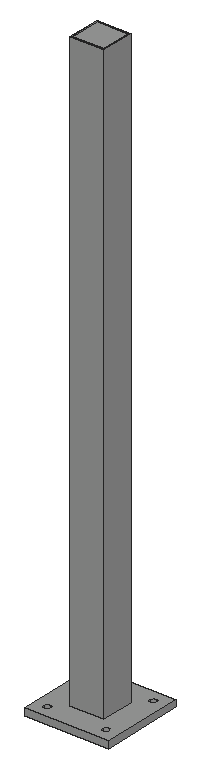
Revit family "LOUVERED_VINYL_PLANK_PANEL_POST", category Specialty Equipment, Revit 2026
Family settings
  Round Connector Dimension = Use Diameter
  Part Type = Normal
  Classification Number = 23.55.00.00
  Work Plane-Based = No
  Enable Cutting in Views = No
  Always vertical = No
  Cut with Voids When Loaded = No
  Maintain Annotation Orientation = No
  Shared = No
  Room Calculation Point = No
Parameters (values of type "Assembly")
  Warranty URL = "https://palmshieldlouvers.com/wp-content/uploads/2020/01/PalmSHIELD-Warranty-NO-SIGN-LINE.pdf"
  Version = "2020 - v1.0a"  # constant formula
  URL = "https://palmshieldlouvers.com/"
  Product Page URL = "https://palmshieldlouvers.com/products/augustus-solid/"
  Product Documentation Link = "https://palmshieldlouvers.com/wp-content/uploads/2020/05/PalmSHIELD-Solid-Composite-Technical-Data-Sheet.pdf"
  Post Position [instance] = 1
  Model = "Augustus - Aluminum"  # constant formula
  Material = Metal - PalmSHIELD - Dusty Grey
  Manufacturer Phone Number = "531-329-4406 "  # constant formula
  Manufacturer Email = "mailto: info@palmshieldlouvers.com"
  Manufacturer Address = "12330 Cary Circle, La Vista, NE 68128"  # constant formula
  Manufacturer = "PalmSHIELD"  # constant formula
  Keynote = "05 10 00"
  Instruction Sheet Link = "https://palmshieldlouvers.com/wp-content/uploads/2020/01/PalmSHIELD-Post-Panel-Gate-Installation-Instructions-REV-1.pdf"
  ID [instance] = "Not Assigned"
  Height [instance] = if(Desired Overall Height < C Min Height, C Min Height, if(Desired Overall Height > C Max Height, C Max Height, Desired Overall Height))  # 6' - 0"
  Desired Overall Height [instance] = 6' - 0"
  Description = "Augustus - Aluminum - Square Post"  # constant formula
  Default Elevation = 0' - 0"
  Copyright = "Copyright ©2024 The American Fence Company and PalmSHIELD. All Rights Reserved."  # constant formula
  Component Vis [instance] = yes
  Component Name [instance] = "Augustus - Aluminum - Square Post"  # constant formula
  C Post Width = 0' - 4"  # constant formula
  C Min Height [instance] = 3' - 4"  # constant formula
  C Max Height [instance] = 8' - 0"  # constant formula
  Assembly Code = "F1020100"
Reference planes (in)
  plane 1 "Center (Front/Back)": y = 0
  plane 2: z = 0
  plane 3 "Center (Left/Right)": x = 0
  plane 4: z = 72
  plane 5: y = 2
  plane 6: y = -2
  plane 7: x = 2
  plane 8: x = -2
Lines and regions (in)
  reference lines
    curve 1: line (-24.29961, 0, 72) -> (24.70039, 0, 72)
Dimensions and locks (in)
  "Desired Overall Height": curve 1 to plane 2
  "Height": plane 4 to plane 2
  equal spacing: plane 8, plane 3 "Center (Left/Right)", plane 7
  equal spacing: plane 5, plane 1 "Center (Front/Back)", plane 6
  "C Post Width": plane 5 to plane 6
  "C Post Width": plane 8 to plane 7
  aligned and locked: plane 2 to level
Automatic sketch dimensions
  curve 1 to plane 8 = 1' - 10.29961"
  curve 1 to plane 7 = 1' - 10.70039"
Nested families (in)
  nested 1: "Screening-Louver-Assembly-Post-Palmshield-Mercury_Economic_Louver-Aluminum" at (0, 0, 0), Desired Overall Height <- "Desired Overall Height", ID <- "ID", Component Vis <- "Component Vis", Post Position <- "Post Position", type "Assembly"
    with Post Position 1, Overall Height 6' - 0", ID "Not Assigned", Desired Overall Height 6' - 0", Component Vis (Single) yes, Component Vis (Side) no, Component Vis (Double) no, Component Vis yes, Component Name "Mercury Economic - Post Assembly", C Single Post yes, C Post Offset 0' - 0"
  nested 2: "Nested-Base_Plate-Palmshield-Mercury_Economic" at (0, 0, 0), type "10" x 10" x 3/4""
    with Material Metal - PalmSHIELD - Dusty Grey, ID "Not Assigned", Component Name "Mercury Economic - Aluminum - Base Plate"
  nested 3: "Nested-Square_Post-Aluminum-Palmshield-Mercury_Economic" at (0, 0, 0.75), type "4" X 4" X 1/8" SQ. TUBE"
    with Material Metal - PalmSHIELD - Dusty Grey, Length 5' - 11 1/4", ID "Not Assigned", Component Name "Mercury Economic - Aluminum - Square Post"
  nested 4: "Nested-Top_Cap-Palmshield-Mercury_Economic" at (0, 0, 72) x (1, 0, 0) z (0, 0, -1), type "3 3/4" x 3 3/4" x 1/8""
    with Material Metal - PalmSHIELD - Dusty Grey, ID "Not Assigned", Component Name "Mercury Economic - Aluminum - Square Top Cap"
Definition of nested family "Nested-Base_Plate-Palmshield-Mercury_Economic"
  Parameters (values of type "10" x 14" x 3/4"")
    Width = if(Constraints = 1, 0' 10", 1' 2")  # 1' - 2"
    Warranty URL = "https://palmshieldlouvers.com/wp-content/uploads/2020/01/PalmSHIELD-Warranty-NO-SIGN-LINE.pdf"
    Version = "2020 - v1.0a"  # constant formula
    URL = "https://palmshieldlouvers.com/"
    Thickness = 0' - 0 3/4"  # constant formula
    Product Page URL = "Contact Manufacturer for More Information"
    Product Documentation Link = "Contact Manufacturer for More Information"
    Model = "Mercury Economic"  # constant formula
    Material [instance] = none
    Manufacturer Phone Number = "531-329-4406 "  # constant formula
    Manufacturer Fax Number = "Consult Manufacturer Website for More Information"  # constant formula
    Manufacturer Email = "mailto: info@palmshieldlouvers.com"
    Manufacturer Address = "12330 Cary Circle, La Vista, NE 68128"  # constant formula
    Manufacturer = "PalmSHIELD"  # constant formula
    Keynote = "05 10 00"
    Instruction Sheet Link = "Contact Manufacturer for More Information"
    ID [instance] = ""
    Hole Diameter = 0' - 0 3/4"  # constant formula
    Height = 0' - 10"  # constant formula
    Description = "Mercury Economic - Base Plate"  # constant formula
    Default Elevation = 4' - 0"
    Copyright = "Copyright ©2024 The American Fence Company and PalmSHIELD. All Rights Reserved."  # constant formula
    Constraints = 2
    Component Name [instance] = "Mercury Economic - Aluminum - Base Plate"  # constant formula
    C Hole Offset = 0' - 1 1/2"  # constant formula
    Assembly Code = "F1020100"
  Types (2): name | Width | Constraints
    10" x 10" x 3/4" | 0' - 10" | 1
    10" x 14" x 3/4" | 1' - 2" | 2
  Reference planes (in)
    plane 1 "Center (Front/Back)": y = 0
    plane 2: z = 0
    plane 3 "Center (Left/Right)": x = 0
    plane 4: y = 5
    plane 5: x = 7
    plane 6: y = -5
    plane 7: x = -7
    plane 8: z = 0.75
  Forms (in)
    Extrusion 1, solid
      sketch origin (0, 0, 0) x (1, 0, 0) y (0, 1, 0)
        loop
          line (-48, 48) -> (-48, -48) -> (48, -48) -> (48, 48) -> (-48, 48)
      from 0 to -12
    Extrusion 2, solid, material <- "Material"
      sketch origin (0, 0, 0) x (1, 0, 0) y (0, 1, 0)
        loop
          line (-7, 5) -> (-7, -5) -> (7, -5) -> (7, 5) -> (-7, 5)
        loop
          circle (-5.5, 3.5) r 0.375
        loop
          circle (5.5, 3.5) r 0.375
        loop
          circle (-5.5, -3.5) r 0.375
        loop
          circle (5.5, -3.5) r 0.375
      from 0 to 0.75
  Dimensions and locks (in)
    equal spacing: plane 7, plane 3 "Center (Left/Right)", plane 5
    equal spacing: plane 4, plane 1 "Center (Front/Back)", plane 6
    "Width": plane 7 to plane 5
    "Height": plane 4 to plane 6
    "C Hole Offset": plane 7 to Extrusion 2 sketch curve  (x2)
    "C Hole Offset": Extrusion 2 sketch curve to plane 5  (x2)
    "C Hole Offset": plane 4 to Extrusion 2 sketch curve  (x2)
    "C Hole Offset": plane 6 to Extrusion 2 sketch curve  (x2)
    "Thickness": plane 8 to plane 2
    "Width": Extrusion 2 to Extrusion 2
    "Hole Diameter": diameter of Extrusion 2 sketch curve  (x4)
    aligned and locked: plane 2 to Extrusion 1
    aligned and locked: level to Extrusion 1
    aligned and locked: Extrusion 2 sketch curve to plane 4
    aligned and locked: plane 7 to Extrusion 2 sketch curve
    aligned and locked: Extrusion 2 sketch curve to plane 6
    aligned and locked: Extrusion 2 sketch curve to plane 5
    aligned and locked: plane 8 to Extrusion 2
  Automatic sketch dimensions
    Extrusion 1 sketch curve to Extrusion 1 sketch curve = 8' - 0"  (x2)
Definition of nested family "Nested-Square_Post-Aluminum-Palmshield-Mercury_Economic"
  Parameters (values of type "4" X 4" X 1/8" SQ. TUBE")
    Width = 0' - 4"  # constant formula
    Warranty URL = "https://palmshieldlouvers.com/wp-content/uploads/2020/01/PalmSHIELD-Warranty-NO-SIGN-LINE.pdf"
    Version = "2020 - v1.0a"  # constant formula
    URL = "https://palmshieldlouvers.com/"
    Thickness = 0' - 0 1/8"  # constant formula
    Product Page URL = "Contact Manufacturer for More Information"
    Product Documentation Link = "Contact Manufacturer for More Information"
    Model = "Mercury Economic"  # constant formula
    Material [instance] = none
    Manufacturer Phone Number = "531-329-4406 "  # constant formula
    Manufacturer Fax Number = "Consult Manufacturer Website for More Information"  # constant formula
    Manufacturer Email = "mailto: info@palmshieldlouvers.com"
    Manufacturer Address = "12330 Cary Circle, La Vista, NE 68128"  # constant formula
    Manufacturer = "PalmSHIELD"  # constant formula
    Length [instance] = 4' - 4.86713"
    Keynote = "05 10 00"
    Instruction Sheet Link = "Contact Manufacturer for More Information"
    ID [instance] = ""
    Description = "Mercury Economic - Post"  # constant formula
    Default Elevation = 4' - 0"
    Copyright = "Copyright ©2024 The American Fence Company and PalmSHIELD. All Rights Reserved."  # constant formula
    Component Name [instance] = "Mercury Economic - Aluminum - Square Post"  # constant formula
    Assembly Code = "F1020100"
  Reference planes (in)
    plane 1 "Center (Front/Back)": y = 0
    plane 2: z = 0
    plane 3 "Center (Left/Right)": x = 0
    plane 4: z = 52.86713
    plane 5: x = 2
    plane 6: x = -2
  Forms (in)
    Extrusion 1, solid
      sketch origin (0, 0, 0) x (1, 0, 0) y (0, 1, 0)
        loop
          line (-48, 48) -> (-48, -48) -> (48, -48) -> (48, 48) -> (-48, 48)
      from 0 to -12
    Sweep 2, solid, material <- "Material"
      path origin (0, 0, 0) x (0, 1, 0) y (0, 0, 1)
        loop
          line (0, 0) -> (0, 52.86713)
      profile "Profile-Palmshield-Square : 4" X 4" X 1/8" SQ. TUBE" origin (0, 0, 26.43357) x (0, -1, 0) y (1, 0, 0)
        loop
          line (1.875, 1.875) -> (-1.875, 1.875) -> (-1.875, -1.875) -> (1.875, -1.875) -> (1.875, 1.875)
        loop
          line (-2, -2) -> (2, -2) -> (2, 2) -> (-2, 2) -> (-2, -2)
  Dimensions and locks (in)
    "Length": plane 4 to plane 2
    equal spacing: plane 5, plane 3 "Center (Left/Right)", plane 6
    "Width": plane 5 to plane 6
    aligned and locked: plane 2 to Extrusion 1
    aligned and locked: level to Extrusion 1
    aligned and locked: plane 1 "Center (Front/Back)" to Sweep 2 sketch curve
    aligned and locked: plane 4 to Sweep 2 sketch curve
  Automatic sketch dimensions
    Extrusion 1 sketch curve to Extrusion 1 sketch curve = 8' - 0"  (x2)
    Sweep 2 sketch curve to level = 0' - 0"
Definition of nested family "Nested-Top_Cap-Palmshield-Mercury_Economic"
  Parameters (values of type "3 3/4" x 3 3/4" x 1/8"")
    Width = 0' 4" - 2 * Thickness  # 0' - 3 3/4"
    Warranty URL = "https://palmshieldlouvers.com/wp-content/uploads/2020/01/PalmSHIELD-Warranty-NO-SIGN-LINE.pdf"
    Version = "2020 - v1.0a"  # constant formula
    URL = "https://palmshieldlouvers.com/"
    Thickness = 0' - 0 1/8"  # constant formula
    Product Page URL = "Contact Manufacturer for More Information"
    Product Documentation Link = "Contact Manufacturer for More Information"
    Model = "Mercury Economic"  # constant formula
    Material [instance] = none
    Manufacturer Phone Number = "531-329-4406 "  # constant formula
    Manufacturer Fax Number = "Consult Manufacturer Website for More Information"  # constant formula
    Manufacturer Email = "mailto: info@palmshieldlouvers.com"
    Manufacturer Address = "12330 Cary Circle, La Vista, NE 68128"  # constant formula
    Manufacturer = "PalmSHIELD"  # constant formula
    Keynote = "05 10 00"
    Instruction Sheet Link = "Contact Manufacturer for More Information"
    ID [instance] = ""
    Description = "Mercury Economic - Top Cap"  # constant formula
    Default Elevation = 4' - 0"
    Copyright = "Copyright ©2024 The American Fence Company and PalmSHIELD. All Rights Reserved."  # constant formula
    Component Name [instance] = "Mercury Economic - Aluminum - Square Top Cap"  # constant formula
    Assembly Code = "F1020100"
  Reference planes (in)
    plane 1 "Center (Front/Back)": y = 0
    plane 2: z = 0
    plane 3 "Center (Left/Right)": x = 0
    plane 4: y = 1.875
    plane 5: x = 1.875
    plane 6: y = -1.875
    plane 7: x = -1.875
    plane 8: z = 0.125
  Forms (in)
    Extrusion 1, solid
      sketch origin (0, 0, 0) x (1, 0, 0) y (0, 1, 0)
        loop
          line (-48, 48) -> (-48, -48) -> (48, -48) -> (48, 48) -> (-48, 48)
      from 0 to -12
    Extrusion 2, solid, material <- "Material"
      sketch origin (0, 0, 0) x (1, 0, 0) y (0, 1, 0)
        loop
          line (-1.875, 1.875) -> (-1.875, -1.875) -> (1.875, -1.875) -> (1.875, 1.875) -> (-1.875, 1.875)
      from 0 to 0.125
  Dimensions and locks (in)
    equal spacing: plane 7, plane 3 "Center (Left/Right)", plane 5
    equal spacing: plane 4, plane 1 "Center (Front/Back)", plane 6
    "Width": plane 7 to plane 5
    "Width": plane 4 to plane 6
    "Thickness": plane 8 to plane 2
    aligned and locked: plane 2 to Extrusion 1
    aligned and locked: level to Extrusion 1
    aligned and locked: Extrusion 2 sketch curve to plane 4
    aligned and locked: plane 7 to Extrusion 2 sketch curve
    aligned and locked: Extrusion 2 sketch curve to plane 6
    aligned and locked: Extrusion 2 sketch curve to plane 5
    aligned and locked: plane 8 to Extrusion 2
  Automatic sketch dimensions
    Extrusion 1 sketch curve to Extrusion 1 sketch curve = 8' - 0"  (x2)
Definition of nested family "Screening-Louver-Assembly-Post-Palmshield-Mercury_Economic_Louver-Aluminum"
  Parameters (values of type "Default")
    Width = 0' - 4"  # constant formula
    Warranty URL = "https://palmshieldlouvers.com/wp-content/uploads/2020/01/PalmSHIELD-Warranty-NO-SIGN-LINE.pdf"
    Version = "2020 - v1.0a"  # constant formula
    URL = "https://palmshieldlouvers.com/"
    Top Cap Thickness = 0' - 0 1/8"  # constant formula
    Component Vis (Side) [instance] = and(Component Vis, Post Position = 3)  # yes
    Product Page URL = "Contact Manufacturer for More Information"
    Product Documentation Link = "Contact Manufacturer for More Information"
    Post Position [instance] = 3
    Overall Height [instance] = if(Desired Overall Height < 3' 0", 3' 0", if(Desired Overall Height > 12' 0", 12' 0", Desired Overall Height))  # 6' - 0"
    Model = "Mercury Economic"  # constant formula
    Component Vis (Single) [instance] = and(Component Vis, Post Position = 1)  # no
    Material = none
    Manufacturer Phone Number = "531-329-4406 "  # constant formula
    Manufacturer Fax Number = "Consult Manufacturer Website for More Information"  # constant formula
    Manufacturer Email = "mailto: info@palmshieldlouvers.com"
    Manufacturer Address = "12330 Cary Circle, La Vista, NE 68128"  # constant formula
    Manufacturer = "PalmSHIELD"  # constant formula
    Keynote = "05 10 00"
    Instruction Sheet Link = "Contact Manufacturer for More Information"
    ID [instance] = "Not Assigned"
    Desired Overall Height [instance] = 6' - 0"
    Description = "Mercury Economic - Post Assembly"  # constant formula
    Default Elevation = 4' - 0"
    Component Vis (Double) [instance] = and(Component Vis, Post Position = 2)  # no
    Copyright = "Copyright ©2024 The American Fence Company and PalmSHIELD. All Rights Reserved."  # constant formula
    Component Vis [instance] = yes
    Component Name [instance] = "Mercury Economic - Post Assembly"  # constant formula
    C Single Post [instance] = not([Component Vis (Double)])  # yes
    C Post Offset [instance] = if([Component Vis (Side)], 0' 2 1/2", 0' 0")  # 0' - 2 1/2"
    C Panel Offset from Ground = 0' - 2"  # constant formula
    Base Plate Thickness = 0' - 0 3/4"  # constant formula
    Assembly Code = "F1020100"
  Reference planes (in)
    plane 1 "Center (Front/Back)": y = 0
    plane 2: z = 0
    plane 3 "Center (Left/Right)": x = 0
    plane 4: x = 2
    plane 5: x = -2
    plane 6: z = 72
    plane 7: z = 2
  Forms (in)
    Extrusion 1, solid
      sketch origin (0, 0, 0) x (1, 0, 0) y (0, 1, 0)
        loop
          line (-48, 48) -> (-48, -48) -> (48, -48) -> (48, 48) -> (-48, 48)
      from 0 to -12
  Lines and regions (in)
    reference lines
      curve 1: line (-64.16684, 0, 72) -> (79.83316, 0, 72)
  Dimensions and locks (in)
    equal spacing: plane 4, plane 3 "Center (Left/Right)", plane 5
    "Width": plane 4 to plane 5
    "C Panel Offset from Ground": plane 7 to plane 2
    "C Post Offset": plane 3 "Center (Left/Right)" to nested 2
    "C Post Offset": plane 3 "Center (Left/Right)" to nested 3
    "Desired Overall Height": curve 1 to plane 2
    "Overall Height": plane 6 to plane 2
    aligned and locked: plane 2 to Extrusion 1
    aligned and locked: level to Extrusion 1
    aligned and locked: plane 1 "Center (Front/Back)" to nested 1
    aligned and locked: plane 1 "Center (Front/Back)" to nested 3
    aligned and locked: plane 6 to nested 2
    aligned and locked: plane 1 "Center (Front/Back)" to nested 4
    aligned and locked: plane 6 to nested 5
    aligned and locked: plane 6 to nested 6
    aligned and locked: plane 3 "Center (Left/Right)" to nested 5
    aligned and locked: nested 6 to plane 3 "Center (Left/Right)"
    aligned and locked: nested 5 to nested 7
    aligned and locked: plane 4 to nested 8
    aligned and locked: plane 3 "Center (Left/Right)" to nested 4
    aligned and locked: plane 3 "Center (Left/Right)" to nested 1
  Automatic sketch dimensions
    Extrusion 1 sketch curve to Extrusion 1 sketch curve = 8' - 0"  (x2)
    curve 1 to plane 5 = 5' - 2.16684"
    plane 4 to curve 1 = 6' - 5.83316"
  Nested families (in)
    nested 1: "Nested-Base_Plate-Palmshield-Mercury_Economic" at (0, 0, 0), ID <- "ID", Material <- "Material", visible <- "C Single Post", type "10" x 10" x 3/4""
      with Material none, ID "Not Assigned", Component Name "Mercury Economic - Aluminum - Base Plate"
    nested 2: "Nested-Square_Post-Aluminum-Palmshield-Mercury_Economic" at (2.5, 0, 0.75), ID <- "ID", Material <- "Material", visible <- "C Single Post", type "4" X 4" X 1/8" SQ. TUBE"
      with Material none, Length 5' - 11 1/4", ID "Not Assigned", Component Name "Mercury Economic - Aluminum - Square Post"
    nested 3: "Nested-Top_Cap-Palmshield-Mercury_Economic" at (2.5, 0, 72) x (1, 0, 0) z (0, 0, -1), ID <- "ID", Material <- "Material", visible <- "C Single Post", type "3 3/4" x 3 3/4" x 1/8""
      with Material none, ID "Not Assigned", Component Name "Mercury Economic - Aluminum - Square Top Cap"
    nested 4: "Nested-Base_Plate-Palmshield-Mercury_Economic" at (0, 0, 0), ID <- "ID", Material <- "Material", visible <- "Component Vis (Double)", type "10" x 14" x 3/4""
      with Material none, ID "Not Assigned", Component Name "Mercury Economic - Aluminum - Base Plate"
    nested 5: "Nested-Square_Post-Aluminum-Palmshield-Mercury_Economic" at (-2, 0, 0.75), ID <- "ID", Material <- "Material", visible <- "Component Vis (Double)", type "4" X 4" X 1/8" SQ. TUBE"
      with Material none, Length 5' - 11 1/4", ID "Not Assigned", Component Name "Mercury Economic - Aluminum - Square Post"
    nested 6: "Nested-Square_Post-Aluminum-Palmshield-Mercury_Economic" at (2, 0, 0.75), ID <- "ID", Material <- "Material", visible <- "Component Vis (Double)", type "4" X 4" X 1/8" SQ. TUBE"
      with Material none, Length 5' - 11 1/4", ID "Not Assigned", Component Name "Mercury Economic - Aluminum - Square Post"
    nested 7: "Nested-Top_Cap-Palmshield-Mercury_Economic" at (-2, 0, 72) x (1, 0, 0) z (0, 0, -1), ID <- "ID", Material <- "Material", visible <- "Component Vis (Double)", type "3 3/4" x 3 3/4" x 1/8""
      with Material none, ID "Not Assigned", Component Name "Mercury Economic - Aluminum - Square Top Cap"
    nested 8: "Nested-Top_Cap-Palmshield-Mercury_Economic" at (2, 0, 72) x (1, 0, 0) z (0, 0, -1), ID <- "ID", Material <- "Material", visible <- "Component Vis (Double)", type "3 3/4" x 3 3/4" x 1/8""
      with Material none, ID "Not Assigned", Component Name "Mercury Economic - Aluminum - Square Top Cap"
  Definition of nested family "Nested-Base_Plate-Palmshield-Mercury_Economic"
    Parameters (values of type "10" x 14" x 3/4"")
      Width = if(Constraints = 1, 0' 10", 1' 2")  # 1' - 2"
      Warranty URL = "https://palmshieldlouvers.com/wp-content/uploads/2020/01/PalmSHIELD-Warranty-NO-SIGN-LINE.pdf"
      Version = "2020 - v1.0a"  # constant formula
      URL = "https://palmshieldlouvers.com/"
      Thickness = 0' - 0 3/4"  # constant formula
      Product Page URL = "Contact Manufacturer for More Information"
      Product Documentation Link = "Contact Manufacturer for More Information"
      Model = "Mercury Economic"  # constant formula
      Material [instance] = none
      Manufacturer Phone Number = "531-329-4406 "  # constant formula
      Manufacturer Fax Number = "Consult Manufacturer Website for More Information"  # constant formula
      Manufacturer Email = "mailto: info@palmshieldlouvers.com"
      Manufacturer Address = "12330 Cary Circle, La Vista, NE 68128"  # constant formula
      Manufacturer = "PalmSHIELD"  # constant formula
      Keynote = "05 10 00"
      Instruction Sheet Link = "Contact Manufacturer for More Information"
      ID [instance] = ""
      Hole Diameter = 0' - 0 3/4"  # constant formula
      Height = 0' - 10"  # constant formula
      Description = "Mercury Economic - Base Plate"  # constant formula
      Default Elevation = 4' - 0"
      Copyright = "Copyright ©2024 The American Fence Company and PalmSHIELD. All Rights Reserved."  # constant formula
      Constraints = 2
      Component Name [instance] = "Mercury Economic - Aluminum - Base Plate"  # constant formula
      C Hole Offset = 0' - 1 1/2"  # constant formula
      Assembly Code = "F1020100"
    Types (2): name | Width | Constraints
      10" x 10" x 3/4" | 0' - 10" | 1
      10" x 14" x 3/4" | 1' - 2" | 2
    Reference planes (in)
      plane 1 "Center (Front/Back)": y = 0
      plane 2: z = 0
      plane 3 "Center (Left/Right)": x = 0
      plane 4: y = 5
      plane 5: x = 7
      plane 6: y = -5
      plane 7: x = -7
      plane 8: z = 0.75
    Forms (in)
      Extrusion 1, solid
        sketch origin (0, 0, 0) x (1, 0, 0) y (0, 1, 0)
          loop
            line (-48, 48) -> (-48, -48) -> (48, -48) -> (48, 48) -> (-48, 48)
        from 0 to -12
      Extrusion 2, solid, material <- "Material"
        sketch origin (0, 0, 0) x (1, 0, 0) y (0, 1, 0)
          loop
            line (-7, 5) -> (-7, -5) -> (7, -5) -> (7, 5) -> (-7, 5)
          loop
            circle (-5.5, 3.5) r 0.375
          loop
            circle (5.5, 3.5) r 0.375
          loop
            circle (-5.5, -3.5) r 0.375
          loop
            circle (5.5, -3.5) r 0.375
        from 0 to 0.75
    Dimensions and locks (in)
      equal spacing: plane 7, plane 3 "Center (Left/Right)", plane 5
      equal spacing: plane 4, plane 1 "Center (Front/Back)", plane 6
      "Width": plane 7 to plane 5
      "Height": plane 4 to plane 6
      "C Hole Offset": plane 7 to Extrusion 2 sketch curve  (x2)
      "C Hole Offset": Extrusion 2 sketch curve to plane 5  (x2)
      "C Hole Offset": plane 4 to Extrusion 2 sketch curve  (x2)
      "C Hole Offset": plane 6 to Extrusion 2 sketch curve  (x2)
      "Thickness": plane 8 to plane 2
      "Width": Extrusion 2 to Extrusion 2
      "Hole Diameter": diameter of Extrusion 2 sketch curve  (x4)
      aligned and locked: plane 2 to Extrusion 1
      aligned and locked: level to Extrusion 1
      aligned and locked: Extrusion 2 sketch curve to plane 4
      aligned and locked: plane 7 to Extrusion 2 sketch curve
      aligned and locked: Extrusion 2 sketch curve to plane 6
      aligned and locked: Extrusion 2 sketch curve to plane 5
      aligned and locked: plane 8 to Extrusion 2
    Automatic sketch dimensions
      Extrusion 1 sketch curve to Extrusion 1 sketch curve = 8' - 0"  (x2)
  Definition of nested family "Nested-Square_Post-Aluminum-Palmshield-Mercury_Economic"
    Parameters (values of type "4" X 4" X 1/8" SQ. TUBE")
      Width = 0' - 4"  # constant formula
      Warranty URL = "https://palmshieldlouvers.com/wp-content/uploads/2020/01/PalmSHIELD-Warranty-NO-SIGN-LINE.pdf"
      Version = "2020 - v1.0a"  # constant formula
      URL = "https://palmshieldlouvers.com/"
      Thickness = 0' - 0 1/8"  # constant formula
      Product Page URL = "Contact Manufacturer for More Information"
      Product Documentation Link = "Contact Manufacturer for More Information"
      Model = "Mercury Economic"  # constant formula
      Material [instance] = none
      Manufacturer Phone Number = "531-329-4406 "  # constant formula
      Manufacturer Fax Number = "Consult Manufacturer Website for More Information"  # constant formula
      Manufacturer Email = "mailto: info@palmshieldlouvers.com"
      Manufacturer Address = "12330 Cary Circle, La Vista, NE 68128"  # constant formula
      Manufacturer = "PalmSHIELD"  # constant formula
      Length [instance] = 4' - 4.86713"
      Keynote = "05 10 00"
      Instruction Sheet Link = "Contact Manufacturer for More Information"
      ID [instance] = ""
      Description = "Mercury Economic - Post"  # constant formula
      Default Elevation = 4' - 0"
      Copyright = "Copyright ©2024 The American Fence Company and PalmSHIELD. All Rights Reserved."  # constant formula
      Component Name [instance] = "Mercury Economic - Aluminum - Square Post"  # constant formula
      Assembly Code = "F1020100"
    Reference planes (in)
      plane 1 "Center (Front/Back)": y = 0
      plane 2: z = 0
      plane 3 "Center (Left/Right)": x = 0
      plane 4: z = 52.86713
      plane 5: x = 2
      plane 6: x = -2
    Forms (in)
      Extrusion 1, solid
        sketch origin (0, 0, 0) x (1, 0, 0) y (0, 1, 0)
          loop
            line (-48, 48) -> (-48, -48) -> (48, -48) -> (48, 48) -> (-48, 48)
        from 0 to -12
      Sweep 2, solid, material <- "Material"
        path origin (0, 0, 0) x (0, 1, 0) y (0, 0, 1)
          loop
            line (0, 0) -> (0, 52.86713)
        profile "Profile-Palmshield-Square : 4" X 4" X 1/8" SQ. TUBE" origin (0, 0, 26.43357) x (0, -1, 0) y (1, 0, 0)
          loop
            line (1.875, 1.875) -> (-1.875, 1.875) -> (-1.875, -1.875) -> (1.875, -1.875) -> (1.875, 1.875)
          loop
            line (-2, -2) -> (2, -2) -> (2, 2) -> (-2, 2) -> (-2, -2)
    Dimensions and locks (in)
      "Length": plane 4 to plane 2
      equal spacing: plane 5, plane 3 "Center (Left/Right)", plane 6
      "Width": plane 5 to plane 6
      aligned and locked: plane 2 to Extrusion 1
      aligned and locked: level to Extrusion 1
      aligned and locked: plane 1 "Center (Front/Back)" to Sweep 2 sketch curve
      aligned and locked: plane 4 to Sweep 2 sketch curve
    Automatic sketch dimensions
      Extrusion 1 sketch curve to Extrusion 1 sketch curve = 8' - 0"  (x2)
      Sweep 2 sketch curve to level = 0' - 0"
  Definition of nested family "Nested-Top_Cap-Palmshield-Mercury_Economic"
    Parameters (values of type "3 3/4" x 3 3/4" x 1/8"")
      Width = 0' 4" - 2 * Thickness  # 0' - 3 3/4"
      Warranty URL = "https://palmshieldlouvers.com/wp-content/uploads/2020/01/PalmSHIELD-Warranty-NO-SIGN-LINE.pdf"
      Version = "2020 - v1.0a"  # constant formula
      URL = "https://palmshieldlouvers.com/"
      Thickness = 0' - 0 1/8"  # constant formula
      Product Page URL = "Contact Manufacturer for More Information"
      Product Documentation Link = "Contact Manufacturer for More Information"
      Model = "Mercury Economic"  # constant formula
      Material [instance] = none
      Manufacturer Phone Number = "531-329-4406 "  # constant formula
      Manufacturer Fax Number = "Consult Manufacturer Website for More Information"  # constant formula
      Manufacturer Email = "mailto: info@palmshieldlouvers.com"
      Manufacturer Address = "12330 Cary Circle, La Vista, NE 68128"  # constant formula
      Manufacturer = "PalmSHIELD"  # constant formula
      Keynote = "05 10 00"
      Instruction Sheet Link = "Contact Manufacturer for More Information"
      ID [instance] = ""
      Description = "Mercury Economic - Top Cap"  # constant formula
      Default Elevation = 4' - 0"
      Copyright = "Copyright ©2024 The American Fence Company and PalmSHIELD. All Rights Reserved."  # constant formula
      Component Name [instance] = "Mercury Economic - Aluminum - Square Top Cap"  # constant formula
      Assembly Code = "F1020100"
    Reference planes (in)
      plane 1 "Center (Front/Back)": y = 0
      plane 2: z = 0
      plane 3 "Center (Left/Right)": x = 0
      plane 4: y = 1.875
      plane 5: x = 1.875
      plane 6: y = -1.875
      plane 7: x = -1.875
      plane 8: z = 0.125
    Forms (in)
      Extrusion 1, solid
        sketch origin (0, 0, 0) x (1, 0, 0) y (0, 1, 0)
          loop
            line (-48, 48) -> (-48, -48) -> (48, -48) -> (48, 48) -> (-48, 48)
        from 0 to -12
      Extrusion 2, solid, material <- "Material"
        sketch origin (0, 0, 0) x (1, 0, 0) y (0, 1, 0)
          loop
            line (-1.875, 1.875) -> (-1.875, -1.875) -> (1.875, -1.875) -> (1.875, 1.875) -> (-1.875, 1.875)
        from 0 to 0.125
    Dimensions and locks (in)
      equal spacing: plane 7, plane 3 "Center (Left/Right)", plane 5
      equal spacing: plane 4, plane 1 "Center (Front/Back)", plane 6
      "Width": plane 7 to plane 5
      "Width": plane 4 to plane 6
      "Thickness": plane 8 to plane 2
      aligned and locked: plane 2 to Extrusion 1
      aligned and locked: level to Extrusion 1
      aligned and locked: Extrusion 2 sketch curve to plane 4
      aligned and locked: plane 7 to Extrusion 2 sketch curve
      aligned and locked: Extrusion 2 sketch curve to plane 6
      aligned and locked: Extrusion 2 sketch curve to plane 5
      aligned and locked: plane 8 to Extrusion 2
    Automatic sketch dimensions
      Extrusion 1 sketch curve to Extrusion 1 sketch curve = 8' - 0"  (x2)
